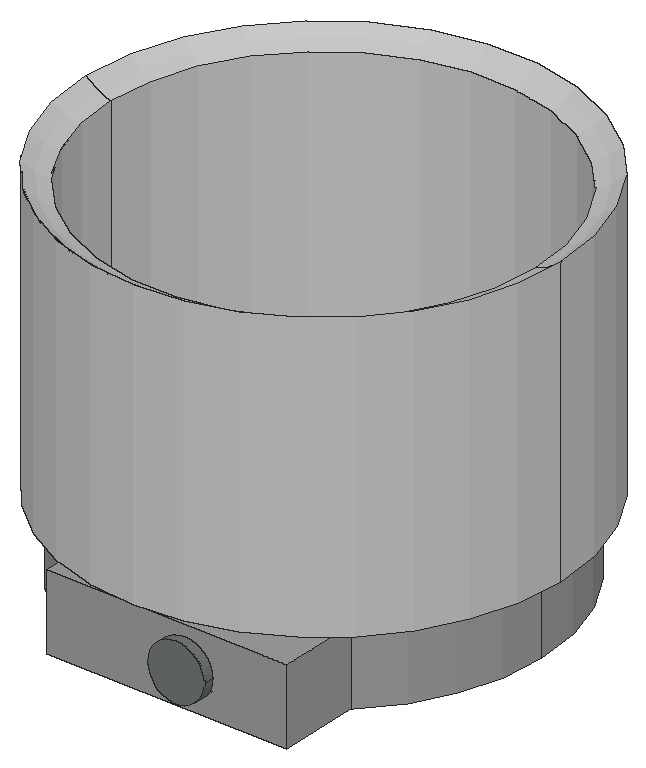
Revit family "QF_Vollrath 72021", category Specialty Equipment, Revit 2016
Family settings
  Part Type = Normal
  Round Connector Dimension = Use Diameter
  OmniClass Number = 23.40.40.11.31
  OmniClass Title = Steam Tables
  Work Plane-Based = No
  Always vertical = Yes
  Cut with Voids When Loaded = No
  Shared = No
  Room Calculation Point = No
Parameters (values of type "72021")
  Width = 12.625"
  Weight in Pounds = 11.3
  Watts = 800 W
  Watermarked By = "http://revitwatermark.com"
  Volts = 120 V
  URL Cutsheet = ""
  URL = "www.vollrathco.com"
  Status [instance] = ""
  Specification by User [instance] = ""
  Specification by Manufacturer = ""
  Serial Number [instance] = ""
  Seismic Rating [instance] = ""
  Revision Code [instance] = ""
  Phase = 1
  Number of Poles [instance] = 1
  NAFEM Spec ID Number [instance] = ""
  Model = "72021"
  Masterspec = ""
  Manufacturer = "Vollrath"
  Item Number [instance] = ""
  Installed By [instance] = ""
  Height AFF [instance] = 36.00"
  Height = 9.625"
  Furnished By [instance] = ""
  Foodservice Equipment Identifier [instance] = yes
  FL Amps = 6.7 A
  Electrical Remarks [instance] = ""
  Electric Connection Type [instance] = ""
  Elec Conn RI Height [instance] = 0.00"
  Elec Conn Connection Height = 2.00"
  Description = "Merchandiser, Heat 'N Serve"
  Depth = 12.625"
  Cycle = 60 Hz
  Conn Plug = "NEMA 5-15P"
  CSI MasterFormat = "11 42 13"
  Assembly Code = "E1090320"
  Apparent Power = if(Phase = 3, Volts * FL Amps * 1.73, Volts * FL Amps)  # 804 VA
Reference planes (in)
  plane 1: z = 0
  plane 2 "LEFT": x = 48
  plane 3 "BACK": y = -48
  plane 4 "BOTTOM": z = 36
  plane 5 "RIGHT": x = 60.625
  plane 6 "FRONT": y = -60.625
  plane 7 "TOP": z = 45.625
  plane 8: x = 54.3125
  plane 9: y = -54.3125
Forms (in)
  Revolve 1, solid, material "QF_Finishes_Stainless Steel"
    sketch origin (0, -54.3125, 0) x (1, 0, 0) y (0, 0, 1)
      loop
        line (54.3125, 38) -> (60.625, 38) -> (60.625, 45.625)
        arc (60.625, 45.625) -> (60.31715, 45.40822) -> (59.97548, 45.25) r 2.0966
        line (59.97548, 45.25) -> (59.97548, 38.625) -> (54.3125, 38.625) -> (54.3125, 38)
      axis (54.3125, 38) -> (54.3125, 45.625)
    angle from 0 to 360
  Revolve 2, solid, material "QF_Finishes_Grey"
    sketch origin (0, -54.3125, 0) x (1, 0, 0) y (0, 0, 1)
      loop
        line (54.3125, 38) -> (54.3125, 36) -> (60.12603, 36) -> (60.12603, 38) -> (54.3125, 38)
      axis (54.3125, 36) -> (54.3125, 38)
    angle from 0 to 360
  Extrusion 3, solid, material "QF_Finishes_Grey"
    sketch origin (0, -54.3125, 0) x (1, 0, 0) y (0, 0, 1)
      loop
        line (51.98162, 38) -> (51.98162, 36) -> (58.37, 36) -> (58.37, 38) -> (51.98162, 38)
    from 4.06377 to 6.29329
  Extrusion 4, solid, material "QF_Finishes_Black"
    sketch origin (0, -54.3125, 0) x (1, 0, 0) y (0, 0, 1)
      loop
        circle (55.64691, 36.96932) r 0.75
    from 4.79329 to 6.56377
Lines and regions (in)
  symbolic lines
    curve 1: arc (60.625, -54.3125, 0) -> (54.3125, -48, 0) -> (48, -54.3125, 0) r 6.3125
    curve 2: arc (48, -54.3125, 0) -> (54.3125, -60.625, 0) -> (60.625, -54.3125, 0) r 6.3125
    curve 3: arc (48.49897, -54.3125, 0) -> (54.3125, -60.12603, 0) -> (60.12603, -54.3125, 0) r 5.81353
    curve 4: arc (60.12603, -54.3125, 0) -> (54.3125, -48.49897, 0) -> (48.49897, -54.3125, 0) r 5.81353
Dimensions and locks (in)
  "Height AFF": plane 4 "BOTTOM" to level
  "Depth": plane 6 "FRONT" to plane 3 "BACK"
  "Height": plane 7 "TOP" to plane 4 "BOTTOM"
  equal spacing: plane 6 "FRONT", plane 9, plane 3 "BACK"
  equal spacing: plane 2 "LEFT", plane 8, plane 5 "RIGHT"
  "Width": plane 2 "LEFT" to plane 5 "RIGHT"
  aligned and locked: level to plane 1
Automatic sketch dimensions
  Revolve 1 sketch curve to plane 8 = 0.00"  (x2)
  Revolve 1 sketch curve to plane 5 "RIGHT" = 0.00"
  Revolve 1 sketch curve to plane 7 "TOP" = 0.00"
  Revolve 1 sketch curve to plane 5 "RIGHT" = 1.35615"
  Revolve 1 sketch curve to plane 7 "TOP" = 0.375"
  Revolve 1 sketch curve to plane 5 "RIGHT" = 0.64952"
  plane 4 "BOTTOM" to Revolve 1 sketch curve = 2.625"
  Revolve 1 sketch curve to Revolve 1 sketch curve = 0.625"
  Revolve 1 sketch curve to Revolve 1 sketch curve = 0.75"
  plane 7 "TOP" to Revolve 1 sketch curve = 1.50"
  Revolve 2 sketch curve to plane 8 = 0.00"  (x2)
  Revolve 2 sketch curve to plane 4 "BOTTOM" = 0.00"
  Revolve 2 sketch curve to plane 5 "RIGHT" = 0.49897"
  Revolve 2 sketch curve to plane 4 "BOTTOM" = 1.75"
  Revolve 2 sketch curve to Revolve 2 sketch curve = 2.00"
  Revolve 2 sketch curve to Revolve 2 sketch curve = 3.00"
  Extrusion 3 sketch curve to plane 4 "BOTTOM" = 0.00"
  Extrusion 3 sketch curve to plane 8 = 2.33088"
  Extrusion 3 sketch curve to plane 5 "RIGHT" = 2.255"
  Extrusion 3 sketch curve to Extrusion 3 sketch curve = 2.00"
  plane 8 to Extrusion 4 sketch curve = 1.33441"
  plane 4 "BOTTOM" to Extrusion 4 sketch curve = 0.96932"
  curve 2 to plane 2 "LEFT" = 0.00"
  curve 2 to plane 8 = 0.00"
  curve 1 to plane 9 = 0.00"
  curve 1 to curve 3 = 0.00"  (x2)
  plane 2 "LEFT" to curve 3 = 0.49897"
  radius of Extrusion 4 sketch curve = 0.75"
